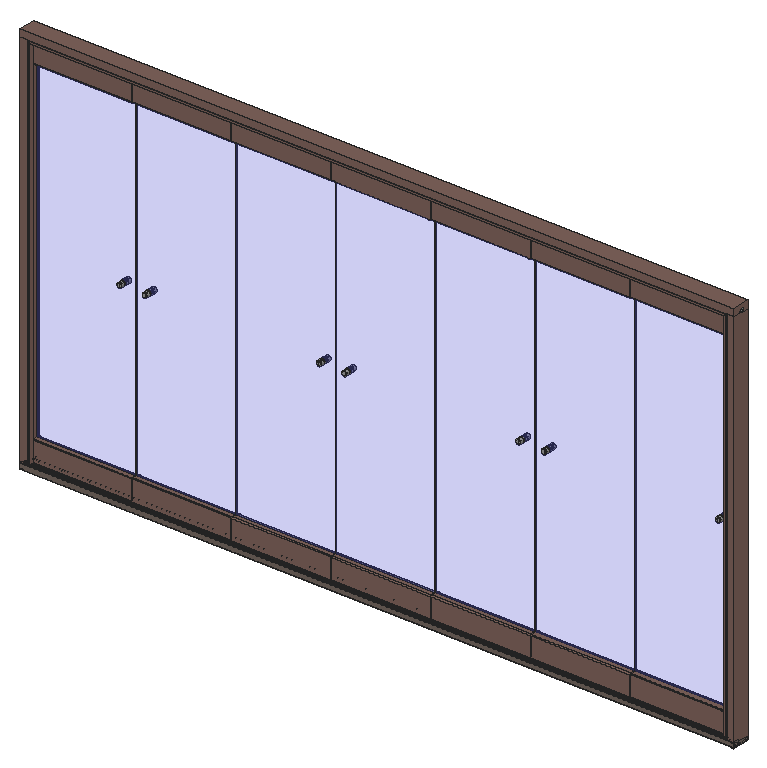
Revit family "FL7L 2385 LH", category Doors, host Wall, Revit 2015 (continued)
Automatic sketch dimensions
  Revolve 14 sketch curve to Revolve 14 sketch curve = 6.469 mm
  Revolve 14 sketch curve to Revolve 14 sketch curve = 5.515 mm
  Revolve 14 sketch curve to Revolve 14 sketch curve = 4.5 mm
  host wall to Extrusion 15 sketch curve = 20.5 mm  (x2)
  Extrusion 15 sketch curve to Extrusion 15 sketch curve = 5 mm  (x5)
  Extrusion 15 sketch curve to host wall = 13 mm  (x2)
  Extrusion 15 sketch curve to host wall = 24.5 mm
  Extrusion 15 sketch curve to Extrusion 15 sketch curve = 11.5 mm
  level to Extrusion 15 sketch curve = 24 mm
  Extrusion 15 sketch curve to Extrusion 15 sketch curve = 13 mm
  Extrusion 15 sketch curve to Extrusion 15 sketch curve = 75 mm
  Extrusion 15 sketch curve to Extrusion 15 sketch curve = 45 mm
  plane 5 to Extrusion 15 sketch curve = 188 mm
  Extrusion 15 sketch curve to Extrusion 15 sketch curve = 50 mm
  plane 5 to Extrusion 15 sketch curve = 50 mm
  Extrusion 16 sketch curve to plane 12 = 0 mm
  Extrusion 16 sketch curve to plane 11 = 0 mm
  level to Extrusion 16 sketch curve = 112 mm
  plane 5 to Extrusion 16 sketch curve = 138 mm
  Extrusion 17 sketch curve to host wall = 23 mm  (x2)
  Extrusion 17 sketch curve to Extrusion 17 sketch curve = 1.5 mm  (x2)
  level to Extrusion 17 sketch curve = 112 mm
  Extrusion 17 sketch curve to Extrusion 17 sketch curve = 50 mm  (x2)
  plane 5 to Extrusion 17 sketch curve = 188 mm
  Revolve 20 sketch curve to host wall = 24.5 mm
  Revolve 20 sketch curve to Revolve 20 sketch curve = 5 mm
  Revolve 20 sketch curve to Revolve 20 sketch curve = 2 mm  (x2)
  plane 5 to Revolve 20 sketch curve = 158.5 mm
  Revolve 20 sketch curve to Revolve 20 sketch curve = 8.5 mm
  Revolve 20 sketch curve to Revolve 20 sketch curve = 6.469 mm
  Revolve 20 sketch curve to Revolve 20 sketch curve = 5.515 mm
  Revolve 20 sketch curve to Revolve 20 sketch curve = 4.5 mm
  Revolve 21 sketch curve to host wall = 24.5 mm
  Revolve 21 sketch curve to Revolve 21 sketch curve = 5 mm
  Revolve 21 sketch curve to Revolve 21 sketch curve = 2 mm  (x2)
  plane 5 to Revolve 21 sketch curve = 148 mm
  Revolve 21 sketch curve to Revolve 21 sketch curve = 8.5 mm
  Revolve 21 sketch curve to Revolve 21 sketch curve = 6.469 mm
  Revolve 21 sketch curve to Revolve 21 sketch curve = 5.515 mm
  Revolve 21 sketch curve to Revolve 21 sketch curve = 4.5 mm
  host wall to Extrusion 22 sketch curve = 20.5 mm  (x2)
  Extrusion 22 sketch curve to Extrusion 22 sketch curve = 5 mm  (x5)
  Extrusion 22 sketch curve to host wall = 13 mm  (x2)
  Extrusion 22 sketch curve to host wall = 24.5 mm
  Extrusion 22 sketch curve to Extrusion 22 sketch curve = 11.5 mm
  level to Extrusion 22 sketch curve = 24 mm
  Extrusion 22 sketch curve to Extrusion 22 sketch curve = 13 mm
  Extrusion 22 sketch curve to Extrusion 22 sketch curve = 75 mm
  Extrusion 22 sketch curve to Extrusion 22 sketch curve = 45 mm
  plane 5 to Extrusion 22 sketch curve = 188 mm
  Extrusion 22 sketch curve to Extrusion 22 sketch curve = 50 mm
  plane 5 to Extrusion 22 sketch curve = 50 mm
  Extrusion 23 sketch curve to plane 14 = 0 mm
  Extrusion 23 sketch curve to plane 13 = 0 mm
  level to Extrusion 23 sketch curve = 112 mm
  plane 5 to Extrusion 23 sketch curve = 138 mm
  Extrusion 24 sketch curve to host wall = 23 mm  (x2)
  Extrusion 24 sketch curve to Extrusion 24 sketch curve = 1.5 mm  (x2)
  level to Extrusion 24 sketch curve = 112 mm
  Extrusion 24 sketch curve to Extrusion 24 sketch curve = 50 mm  (x2)
  plane 5 to Extrusion 24 sketch curve = 188 mm
  Revolve 27 sketch curve to host wall = 24.5 mm
  Revolve 27 sketch curve to Revolve 27 sketch curve = 5 mm
  Revolve 27 sketch curve to Revolve 27 sketch curve = 2 mm  (x2)
  plane 5 to Revolve 27 sketch curve = 158.5 mm
  Revolve 27 sketch curve to Revolve 27 sketch curve = 8.5 mm
  Revolve 27 sketch curve to Revolve 27 sketch curve = 6.469 mm
  Revolve 27 sketch curve to Revolve 27 sketch curve = 5.515 mm
  Revolve 27 sketch curve to Revolve 27 sketch curve = 4.5 mm
  Revolve 28 sketch curve to host wall = 24.5 mm
  Revolve 28 sketch curve to Revolve 28 sketch curve = 5 mm
  Revolve 28 sketch curve to Revolve 28 sketch curve = 2 mm  (x2)
  plane 5 to Revolve 28 sketch curve = 148 mm
  Revolve 28 sketch curve to Revolve 28 sketch curve = 8.5 mm
  Revolve 28 sketch curve to Revolve 28 sketch curve = 6.469 mm
  Revolve 28 sketch curve to Revolve 28 sketch curve = 5.515 mm
  Revolve 28 sketch curve to Revolve 28 sketch curve = 4.5 mm
  host wall to Extrusion 29 sketch curve = 20.5 mm  (x2)
  Extrusion 29 sketch curve to Extrusion 29 sketch curve = 5 mm  (x5)
  Extrusion 29 sketch curve to host wall = 13 mm  (x2)
  Extrusion 29 sketch curve to host wall = 24.5 mm
  Extrusion 29 sketch curve to Extrusion 29 sketch curve = 11.5 mm
  level to Extrusion 29 sketch curve = 24 mm
  Extrusion 29 sketch curve to Extrusion 29 sketch curve = 13 mm
  Extrusion 29 sketch curve to Extrusion 29 sketch curve = 75 mm
  Extrusion 29 sketch curve to Extrusion 29 sketch curve = 45 mm
  plane 5 to Extrusion 29 sketch curve = 188 mm
  Extrusion 29 sketch curve to Extrusion 29 sketch curve = 50 mm
  plane 5 to Extrusion 29 sketch curve = 50 mm
  Extrusion 30 sketch curve to plane 16 = 0 mm
  Extrusion 30 sketch curve to plane 15 = 0 mm
  level to Extrusion 30 sketch curve = 112 mm
  plane 5 to Extrusion 30 sketch curve = 138 mm
  Extrusion 31 sketch curve to host wall = 23 mm  (x2)
  Extrusion 31 sketch curve to Extrusion 31 sketch curve = 1.5 mm  (x2)
  level to Extrusion 31 sketch curve = 112 mm
  Extrusion 31 sketch curve to Extrusion 31 sketch curve = 50 mm  (x2)
  plane 5 to Extrusion 31 sketch curve = 188 mm
  Revolve 34 sketch curve to host wall = 24.5 mm
  Revolve 34 sketch curve to Revolve 34 sketch curve = 5 mm
  Revolve 34 sketch curve to Revolve 34 sketch curve = 2 mm  (x2)
  plane 5 to Revolve 34 sketch curve = 158.5 mm
  Revolve 34 sketch curve to Revolve 34 sketch curve = 8.5 mm
  Revolve 34 sketch curve to Revolve 34 sketch curve = 6.469 mm
  Revolve 34 sketch curve to Revolve 34 sketch curve = 5.515 mm
  Revolve 34 sketch curve to Revolve 34 sketch curve = 4.5 mm
  Revolve 35 sketch curve to host wall = 24.5 mm
  Revolve 35 sketch curve to Revolve 35 sketch curve = 5 mm
  Revolve 35 sketch curve to Revolve 35 sketch curve = 2 mm  (x2)
  plane 5 to Revolve 35 sketch curve = 148 mm
  Revolve 35 sketch curve to Revolve 35 sketch curve = 8.5 mm
  Revolve 35 sketch curve to Revolve 35 sketch curve = 6.469 mm
  Revolve 35 sketch curve to Revolve 35 sketch curve = 5.515 mm
  Revolve 35 sketch curve to Revolve 35 sketch curve = 4.5 mm
  host wall to Extrusion 36 sketch curve = 20.5 mm  (x2)
  Extrusion 36 sketch curve to Extrusion 36 sketch curve = 5 mm  (x5)
  Extrusion 36 sketch curve to host wall = 13 mm  (x2)
  Extrusion 36 sketch curve to host wall = 24.5 mm
  Extrusion 36 sketch curve to Extrusion 36 sketch curve = 11.5 mm
  level to Extrusion 36 sketch curve = 24 mm
  Extrusion 36 sketch curve to Extrusion 36 sketch curve = 13 mm
  Extrusion 36 sketch curve to Extrusion 36 sketch curve = 75 mm
  Extrusion 36 sketch curve to Extrusion 36 sketch curve = 45 mm
  plane 5 to Extrusion 36 sketch curve = 188 mm
  Extrusion 36 sketch curve to Extrusion 36 sketch curve = 50 mm
  plane 5 to Extrusion 36 sketch curve = 50 mm
  Extrusion 37 sketch curve to plane 18 = 0 mm
  Extrusion 37 sketch curve to plane 17 = 0 mm
  level to Extrusion 37 sketch curve = 112 mm
  plane 5 to Extrusion 37 sketch curve = 138 mm
  Extrusion 38 sketch curve to host wall = 23 mm  (x2)
  Extrusion 38 sketch curve to Extrusion 38 sketch curve = 1.5 mm  (x2)
  level to Extrusion 38 sketch curve = 112 mm
  Extrusion 38 sketch curve to Extrusion 38 sketch curve = 50 mm  (x2)
  plane 5 to Extrusion 38 sketch curve = 188 mm
  Revolve 41 sketch curve to host wall = 24.5 mm
  Revolve 41 sketch curve to Revolve 41 sketch curve = 5 mm
  Revolve 41 sketch curve to Revolve 41 sketch curve = 2 mm  (x2)
  plane 5 to Revolve 41 sketch curve = 158.5 mm
  Revolve 41 sketch curve to Revolve 41 sketch curve = 8.5 mm
  Revolve 41 sketch curve to Revolve 41 sketch curve = 6.469 mm
  Revolve 41 sketch curve to Revolve 41 sketch curve = 5.515 mm
  Revolve 41 sketch curve to Revolve 41 sketch curve = 4.5 mm
  Revolve 42 sketch curve to host wall = 24.5 mm
  Revolve 42 sketch curve to Revolve 42 sketch curve = 5 mm
  Revolve 42 sketch curve to Revolve 42 sketch curve = 2 mm  (x2)
  plane 5 to Revolve 42 sketch curve = 148 mm
  Revolve 42 sketch curve to Revolve 42 sketch curve = 8.5 mm
  Revolve 42 sketch curve to Revolve 42 sketch curve = 6.469 mm
  Revolve 42 sketch curve to Revolve 42 sketch curve = 5.515 mm
  Revolve 42 sketch curve to Revolve 42 sketch curve = 4.5 mm
  host wall to Extrusion 43 sketch curve = 20.5 mm  (x2)
  Extrusion 43 sketch curve to Extrusion 43 sketch curve = 5 mm  (x5)
  Extrusion 43 sketch curve to host wall = 13 mm  (x2)
  Extrusion 43 sketch curve to host wall = 24.5 mm
  Extrusion 43 sketch curve to Extrusion 43 sketch curve = 11.5 mm
  level to Extrusion 43 sketch curve = 24 mm
  Extrusion 43 sketch curve to Extrusion 43 sketch curve = 13 mm
  Extrusion 43 sketch curve to Extrusion 43 sketch curve = 75 mm
  Extrusion 43 sketch curve to Extrusion 43 sketch curve = 45 mm
  plane 5 to Extrusion 43 sketch curve = 188 mm
  Extrusion 43 sketch curve to Extrusion 43 sketch curve = 50 mm
  plane 5 to Extrusion 43 sketch curve = 50 mm
  Extrusion 44 sketch curve to plane 20 = 0 mm
  Extrusion 44 sketch curve to plane 19 = 0 mm
  level to Extrusion 44 sketch curve = 112 mm
  plane 5 to Extrusion 44 sketch curve = 138 mm
  Extrusion 45 sketch curve to host wall = 23 mm  (x2)
  Extrusion 45 sketch curve to Extrusion 45 sketch curve = 1.5 mm  (x2)
  level to Extrusion 45 sketch curve = 112 mm
  Extrusion 45 sketch curve to Extrusion 45 sketch curve = 50 mm  (x2)
  plane 5 to Extrusion 45 sketch curve = 188 mm
  Revolve 48 sketch curve to host wall = 24.5 mm
  Revolve 48 sketch curve to Revolve 48 sketch curve = 5 mm
  Revolve 48 sketch curve to Revolve 48 sketch curve = 2 mm  (x2)
  plane 5 to Revolve 48 sketch curve = 158.5 mm
  Revolve 48 sketch curve to Revolve 48 sketch curve = 8.5 mm
  Revolve 48 sketch curve to Revolve 48 sketch curve = 6.469 mm
  Revolve 48 sketch curve to Revolve 48 sketch curve = 5.515 mm
  Revolve 48 sketch curve to Revolve 48 sketch curve = 4.5 mm
  Revolve 49 sketch curve to host wall = 24.5 mm
  Revolve 49 sketch curve to Revolve 49 sketch curve = 5 mm
  Revolve 49 sketch curve to Revolve 49 sketch curve = 2 mm  (x2)
  plane 5 to Revolve 49 sketch curve = 148 mm
  Revolve 49 sketch curve to Revolve 49 sketch curve = 8.5 mm
  Revolve 49 sketch curve to Revolve 49 sketch curve = 6.469 mm
  Revolve 49 sketch curve to Revolve 49 sketch curve = 5.515 mm
  Revolve 49 sketch curve to Revolve 49 sketch curve = 4.5 mm
  host wall to Extrusion 50 sketch curve = 20.5 mm  (x2)
  Extrusion 50 sketch curve to Extrusion 50 sketch curve = 5 mm  (x5)
  Extrusion 50 sketch curve to host wall = 13 mm  (x2)
  Extrusion 50 sketch curve to host wall = 24.5 mm
  Extrusion 50 sketch curve to Extrusion 50 sketch curve = 11.5 mm
  level to Extrusion 50 sketch curve = 24 mm
  Extrusion 50 sketch curve to Extrusion 50 sketch curve = 13 mm
  Extrusion 50 sketch curve to Extrusion 50 sketch curve = 75 mm
  Extrusion 50 sketch curve to Extrusion 50 sketch curve = 45 mm
  plane 5 to Extrusion 50 sketch curve = 188 mm
  Extrusion 50 sketch curve to Extrusion 50 sketch curve = 50 mm
  plane 5 to Extrusion 50 sketch curve = 50 mm
  Extrusion 51 sketch curve to plane 22 = 0 mm
  Extrusion 51 sketch curve to plane 21 = 0 mm
  level to Extrusion 51 sketch curve = 112 mm
  plane 5 to Extrusion 51 sketch curve = 138 mm
  Extrusion 52 sketch curve to host wall = 23 mm  (x2)
  Extrusion 52 sketch curve to Extrusion 52 sketch curve = 1.5 mm  (x2)
  level to Extrusion 52 sketch curve = 112 mm
  Extrusion 52 sketch curve to Extrusion 52 sketch curve = 50 mm  (x2)
  plane 5 to Extrusion 52 sketch curve = 188 mm
  Revolve 55 sketch curve to host wall = 24.5 mm
  Revolve 55 sketch curve to Revolve 55 sketch curve = 5 mm
  Revolve 55 sketch curve to Revolve 55 sketch curve = 2 mm  (x2)
  plane 5 to Revolve 55 sketch curve = 158.5 mm
  Revolve 55 sketch curve to Revolve 55 sketch curve = 8.5 mm
  Revolve 55 sketch curve to Revolve 55 sketch curve = 6.469 mm
  Revolve 55 sketch curve to Revolve 55 sketch curve = 5.515 mm
  Revolve 55 sketch curve to Revolve 55 sketch curve = 4.5 mm
  Revolve 56 sketch curve to host wall = 24.5 mm
  Revolve 56 sketch curve to Revolve 56 sketch curve = 5 mm
  Revolve 56 sketch curve to Revolve 56 sketch curve = 2 mm  (x2)
  plane 5 to Revolve 56 sketch curve = 148 mm
  Revolve 56 sketch curve to Revolve 56 sketch curve = 8.5 mm
  Revolve 56 sketch curve to Revolve 56 sketch curve = 6.469 mm
  Revolve 56 sketch curve to Revolve 56 sketch curve = 5.515 mm
  Revolve 56 sketch curve to Revolve 56 sketch curve = 4.5 mm
  Revolve 57 sketch curve to host wall = 23 mm
  Revolve 57 sketch curve to Revolve 57 sketch curve = 3 mm
  Revolve 57 sketch curve to Revolve 57 sketch curve = 5 mm  (x2)
  Revolve 57 sketch curve to Revolve 57 sketch curve = 16 mm
  Revolve 57 sketch curve to Revolve 57 sketch curve = 1 mm  (x2)
  plane 5 to Revolve 57 sketch curve = 1190.5 mm
  Revolve 57 sketch curve to Revolve 57 sketch curve = 0 mm  (x4)
  Revolve 57 sketch curve to Revolve 57 sketch curve = 14 mm
  Revolve 59 sketch curve to host wall = 23 mm
  Revolve 59 sketch curve to Revolve 59 sketch curve = 3 mm
  Revolve 59 sketch curve to Revolve 59 sketch curve = 5 mm  (x2)
  Revolve 59 sketch curve to Revolve 59 sketch curve = 16 mm
  Revolve 59 sketch curve to Revolve 59 sketch curve = 1 mm  (x2)
  plane 5 to Revolve 59 sketch curve = 1190.5 mm
  Revolve 59 sketch curve to Revolve 59 sketch curve = 0 mm  (x4)
  Revolve 59 sketch curve to Revolve 59 sketch curve = 14 mm
  Revolve 61 sketch curve to host wall = 23 mm
  Revolve 61 sketch curve to Revolve 61 sketch curve = 3 mm
  Revolve 61 sketch curve to Revolve 61 sketch curve = 5 mm  (x2)
  Revolve 61 sketch curve to Revolve 61 sketch curve = 16 mm
  Revolve 61 sketch curve to Revolve 61 sketch curve = 1 mm  (x2)
  plane 5 to Revolve 61 sketch curve = 1190.5 mm
  Revolve 61 sketch curve to Revolve 61 sketch curve = 0 mm  (x4)
  Revolve 61 sketch curve to Revolve 61 sketch curve = 14 mm
  Revolve 63 sketch curve to host wall = 23 mm
  Revolve 63 sketch curve to Revolve 63 sketch curve = 3 mm
  Revolve 63 sketch curve to Revolve 63 sketch curve = 5 mm  (x2)
  Revolve 63 sketch curve to Revolve 63 sketch curve = 16 mm
  Revolve 63 sketch curve to Revolve 63 sketch curve = 1 mm  (x2)
  plane 5 to Revolve 63 sketch curve = 1190.5 mm
  Revolve 63 sketch curve to Revolve 63 sketch curve = 0 mm  (x4)
  Revolve 63 sketch curve to Revolve 63 sketch curve = 14 mm
  Revolve 68 sketch curve to host wall = 0 mm
  Revolve 68 sketch curve to host wall = 5 mm
  Revolve 68 sketch curve to Revolve 68 sketch curve = 5 mm
  Revolve 68 sketch curve to Revolve 68 sketch curve = 3 mm
  host wall to Revolve 68 sketch curve = 16 mm
  Revolve 68 sketch curve to Revolve 68 sketch curve = 1 mm  (x2)
  plane 5 to Revolve 68 sketch curve = 1190.5 mm
  Revolve 68 sketch curve to Revolve 68 sketch curve = 0 mm  (x4)
  Revolve 68 sketch curve to Revolve 68 sketch curve = 14 mm
  Revolve 69 sketch curve to host wall = 0 mm
  Revolve 69 sketch curve to host wall = 5 mm
  Revolve 69 sketch curve to Revolve 69 sketch curve = 5 mm
  Revolve 69 sketch curve to Revolve 69 sketch curve = 3 mm
  host wall to Revolve 69 sketch curve = 16 mm
  Revolve 69 sketch curve to Revolve 69 sketch curve = 1 mm  (x2)
  plane 5 to Revolve 69 sketch curve = 1190.5 mm
  Revolve 69 sketch curve to Revolve 69 sketch curve = 0 mm  (x4)
  Revolve 69 sketch curve to Revolve 69 sketch curve = 14 mm
  Revolve 70 sketch curve to host wall = 0 mm
  Revolve 70 sketch curve to host wall = 5 mm
  Revolve 70 sketch curve to Revolve 70 sketch curve = 5 mm
  Revolve 70 sketch curve to Revolve 70 sketch curve = 3 mm
  host wall to Revolve 70 sketch curve = 16 mm
  Revolve 70 sketch curve to Revolve 70 sketch curve = 1 mm  (x2)
  plane 5 to Revolve 70 sketch curve = 1190.5 mm
  Revolve 70 sketch curve to Revolve 70 sketch curve = 0 mm  (x4)
  Revolve 70 sketch curve to Revolve 70 sketch curve = 14 mm
